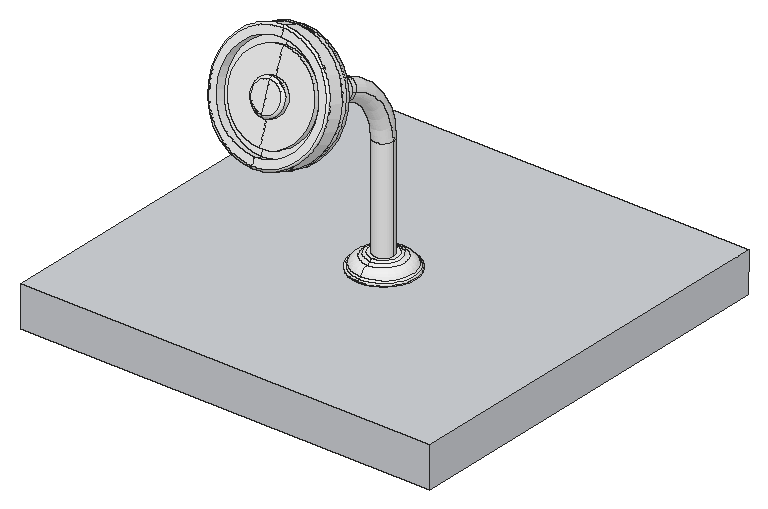
Revit family "Deca_Chuveiro com Tubo de Parede Standard_AcquaPlus_1990.C.STD", category Plumbing Fixtures, host Face, Revit 2012
Parameters (values of type "1990.C.STD")
  Vendido Separadamente = "Não Aplicável"  # constant formula
  URL = "www.deca.com.br"
  Segmento = "Luxo"  # constant formula
  Raio Ponto de Agua = 7.5 mm  # constant formula
  Produto = "Chuveiro AquaPlus com tubo Standard"  # constant formula
  Pressão = "2 a 40 mca"  # constant formula
  Peso Liquido (Kg) = 0.9
  Norma = "NBR 15206"  # constant formula
  Model = Código  # "1990.C.STD"
  Material = "Metal"  # constant formula
  Manufacturer = Fabricante  # "Deca"
  Louça/Metais = "Metais"  # constant formula
  Linha = "AquaPlus"  # constant formula
  Informações Complementares = "Tubo parede / Pode ser usado com restritores de vazão de 8 (4266.061) 14 (4266.062) ou 16(4266) litros por minuto"  # constant formula
  HWFU = 0
  Flow Pressure = 0.00 psi
  Fabricante = "Deca"  # constant formula
  Diâmetro Ponto de Agua = Raio Ponto de Agua * 2  # 15 mm
  Descrição = "Chuveiro"  # constant formula
  Description = Descrição  # "Chuveiro"
  Default Elevation = 2100 mm
  Código = "1990.C.STD"  # constant formula
  Criador por = "Contino/quattroD"  # constant formula
  Consumo = "Varia com a pressão (consultar catálogo)"  # constant formula
  Chuveiro = Deca CR10 Cromado Metal
  Atendimento ao Cliente = "0800-011-7073 "  # constant formula
  Assembly Code = ""
  Aprovado por = "Contino/quattroD"  # constant formula
  Acompanha o Produto = "Não Aplicável"  # constant formula
Reference planes
  plane 1 "Center (Front/Back)": y = 0
  plane 2: z = 0
  plane 3 "Center (Left/Right)": x = 0
  plane 4 "Front 1": z = 231
  plane 5 "Front 2": z = 285
  plane 6 "Right 2": x = 62
  plane 7 "Left 2": x = -62
  plane 8 "Bottom 2": y = -155
  plane 9: z = 0
  plane 10 "Left 1": x = -33
  plane 11 "Right 1": x = 33
  plane 12 "Top 1": y = 33
  plane 13 "Bottom 1": y = -33
  plane 14 "Bottom 3": y = -169
Forms (mm)
  Extrusion 1, solid
    sketch origin (0, 0, 0) x (1, 0, 0) y (0, 1, 0)
      loop
        line (-215, 210) -> (-215, -208.088) -> (214.785, -208.088) -> (214.785, 210) -> (-215, 210)
    from 0 to -42.233
  Revolve 2, solid, material "Deca CR10 Cromado Metal" <- "Chuveiro"
    sketch origin (0.38, -2179.946, 586.246) x (0, 0.34202, 0.939693) y (0, 0.939693, -0.34202)
      loop
        line (356.2, 2127.144) -> (356.2, 2025.452) -> (371.623, 2025.452)
        arc (371.623, 2025.452) -> (373.223, 2026.235) -> (374.096, 2027.788) r 2.999
        line (374.096, 2027.788) -> (374.096, 2032.788) -> (400.724, 2032.788) -> (400.724, 2037.788) -> (408.103, 2037.788) -> (408.103, 2027.788) -> (416.104, 2027.788)
        arc (416.104, 2027.788) -> (417.518, 2028.373) -> (418.103, 2029.787) r 1.999
        line (418.103, 2029.787) -> (418.103, 2045.78) -> (416.13, 2045.78) -> (416.13, 2046.979) -> (418.103, 2046.979) -> (418.103, 2052.209)
        arc (418.103, 2052.209) -> (416.296, 2057.942) -> (411.526, 2061.602) r 9.996
        line (411.526, 2061.602) -> (370.624, 2076.489) -> (370.624, 2078.353) -> (373.073, 2078.353)
        arc (373.073, 2078.353) -> (373.78, 2078.646) -> (374.072, 2079.353) r 1
        line (374.072, 2079.353) -> (374.072, 2080.352) -> (375.072, 2081.352) -> (375.072, 2092.447) -> (374.072, 2093.447) -> (374.072, 2097.445)
        arc (374.072, 2097.445) -> (373.487, 2098.859) -> (372.073, 2099.444) r 1.999
        line (372.073, 2099.444) -> (368.69, 2099.444) -> (366.104, 2102.03)
        arc (366.104, 2102.03) -> (365.518, 2103.444) -> (366.104, 2104.858) r 2
        line (366.104, 2104.858) -> (369.38, 2108.134) -> (369.38, 2127.144) -> (356.2, 2127.144)
      axis (356.2, 2127.144) -> (356.2, 2025.452)
    angle from 0 to 360
  Sweep 3, solid, material "Deca CR10 Cromado Metal" <- "Chuveiro"
    path origin (0, 0, 0) x (0, 1, 0) y (0, 0, 1)
      loop
        line (-59.257, 193.438) -> (-49.39, 189.847)
        arc (-49.39, 189.847) -> (-14.469, 163.645) -> (0, 122.454) r 75.17
        line (0, 122.454) -> (0, 14.5)
    profile origin (0, 0, 68.477) x (1, 0, 0) y (0, 1, 0)
      loop
        circle (0, 0) r 10.35
  Revolve 4, solid, material "Deca CR10 Cromado Metal" <- "Chuveiro"
    sketch origin (0, 0, 0) x (0, 1, 0) y (0, 0, 1)
      loop
        arc (32.97, 0.934) -> (32.53, 1.995) -> (31.47, 2.434) r 1.5
        line (31.47, 2.434) -> (29.908, 4.422)
        arc (29.908, 4.422) -> (26.351, 8.769) -> (21.324, 11.275) r 13.387
        arc (21.324, 11.275) -> (19.386, 12.055) -> (17.719, 13.314) r 7.937
        arc (17.719, 13.314) -> (16.39, 14.192) -> (14.827, 14.5) r 4.117
        line (14.827, 14.5) -> (0, 14.5) -> (0, 0) -> (32.97, 0) -> (32.97, 0.934)
      axis (0, 0) -> (0, 14.5)
    angle from 0 to 360
Lines and regions (mm)
  Masking region 1
    outline origin (300, 0, 0) x (1, 0, 0) y (0, 1, 0)
      loop
        line (-310.33, -31.309) -> (-310.33, -56.361)
        arc (-310.33, -56.361) -> (-312.104, -57.507) -> (-313.25, -59.281) r 5.018
        line (-313.25, -59.281) -> (-313.25, -74.032) -> (-312.56, -75.008) -> (-312.56, -77.883) -> (-312.233, -78.889) -> (-309.972, -80.868)
        arc (-309.972, -80.868) -> (-313.671, -82.03) -> (-316.789, -84.335) r 11.721
        arc (-316.789, -84.335) -> (-317.643, -85.65) -> (-317.942, -87.189) r 4.108
        line (-317.942, -87.189) -> (-317.942, -89.809)
        arc (-317.942, -89.809) -> (-318.679, -90.733) -> (-318.942, -91.886) r 2.657
        line (-318.942, -91.886) -> (-318.942, -103.069)
        arc (-318.942, -103.069) -> (-336.753, -106.314) -> (-353.068, -114.163) r 67.71
        arc (-353.068, -114.163) -> (-359.278, -120.695) -> (-361.973, -129.295) r 19.92
        line (-361.973, -129.295) -> (-361.973, -150.767)
        arc (-361.973, -150.767) -> (-358.89, -157.851) -> (-352.93, -162.768) r 16.573
        arc (-352.93, -162.768) -> (-335.282, -169.373) -> (-316.696, -172.477) r 97.935
        arc (-316.696, -172.477) -> (-300, -173.278) -> (-283.304, -172.477) r 174.392
        arc (-283.304, -172.477) -> (-264.718, -169.373) -> (-247.07, -162.768) r 97.935
        arc (-247.07, -162.768) -> (-241.11, -157.851) -> (-238.027, -150.767) r 16.573
        line (-238.027, -150.767) -> (-238.027, -129.295)
        arc (-238.027, -129.295) -> (-240.722, -120.695) -> (-246.932, -114.163) r 19.92
        arc (-246.932, -114.163) -> (-263.247, -106.314) -> (-281.058, -103.069) r 67.71
        line (-281.058, -103.069) -> (-281.058, -91.886)
        arc (-281.058, -91.886) -> (-281.321, -90.733) -> (-282.058, -89.809) r 2.657
        line (-282.058, -89.809) -> (-282.058, -87.189)
        arc (-282.058, -87.189) -> (-282.357, -85.65) -> (-283.211, -84.335) r 4.108
        arc (-283.211, -84.335) -> (-286.329, -82.03) -> (-290.028, -80.868) r 11.721
        line (-290.028, -80.868) -> (-287.767, -78.889) -> (-287.44, -77.883) -> (-287.44, -75.008) -> (-286.75, -74.032) -> (-286.75, -59.281)
        arc (-286.75, -59.281) -> (-287.896, -57.507) -> (-289.67, -56.361) r 5.018
        line (-289.67, -56.361) -> (-289.67, -31.309)
        arc (-289.67, -31.309) -> (-267.448, 5.231) -> (-300, 32.97) r 32.97
        arc (-300, 32.97) -> (-332.552, 5.231) -> (-310.33, -31.309) r 32.97
  Masking region 2
    outline origin (-280.573, 0, 0) x (1, 0, 0) y (0, 0, 1)
      loop
        arc (331.901, 258.092) -> (280.573, 285) -> (229.245, 258.092) r 62.409
        arc (229.245, 258.092) -> (222.345, 245.162) -> (218.573, 231) r 63.9
        arc (218.573, 231) -> (219.295, 208.457) -> (227.804, 187.569) r 63.9
        arc (227.804, 187.569) -> (246.003, 169.473) -> (270.243, 161.042) r 57.784
        line (270.243, 161.042) -> (270.243, 14.5) -> (266.031, 14.5)
        arc (266.031, 14.5) -> (264.328, 14.2) -> (262.83, 13.335) r 4.981
        arc (262.83, 13.335) -> (261.259, 12.215) -> (259.532, 11.353) r 12.297
        arc (259.532, 11.353) -> (254.351, 8.9) -> (250.717, 4.467) r 13.082
        line (250.717, 4.467) -> (249.135, 2.441)
        arc (249.135, 2.441) -> (248.03, 1.984) -> (247.573, 0.879) r 1.562
        line (247.573, 0.879) -> (247.573, 0) -> (313.573, 0) -> (313.573, 0.879)
        arc (313.573, 0.879) -> (313.115, 1.984) -> (312.011, 2.441) r 1.562
        line (312.011, 2.441) -> (310.428, 4.467)
        arc (310.428, 4.467) -> (306.794, 8.9) -> (301.614, 11.353) r 13.082
        arc (301.614, 11.353) -> (299.887, 12.215) -> (298.316, 13.335) r 12.297
        arc (298.316, 13.335) -> (296.818, 14.2) -> (295.114, 14.5) r 4.981
        line (295.114, 14.5) -> (290.903, 14.5) -> (290.903, 161.042)
        arc (290.903, 161.042) -> (315.143, 169.473) -> (333.341, 187.569) r 57.784
        arc (333.341, 187.569) -> (341.851, 208.457) -> (342.573, 231) r 63.9
        arc (342.573, 231) -> (338.801, 245.162) -> (331.901, 258.092) r 63.9
  Masking region 3
    outline origin (0, 0, 0) x (0, 1, 0) y (0, 0, 1)
      loop
        line (-33, 0) -> (33, 0) -> (33, 0.794)
        arc (33, 0.794) -> (32.558, 1.916) -> (31.47, 2.434) r 1.644
        line (31.47, 2.434) -> (29.908, 4.422)
        arc (29.908, 4.422) -> (26.756, 8.417) -> (22.361, 10.982) r 13.669
        arc (22.361, 10.982) -> (19.88, 11.759) -> (17.739, 13.236) r 8.685
        arc (17.739, 13.236) -> (16.441, 14.099) -> (14.932, 14.486) r 4.667
        line (14.932, 14.486) -> (10.349, 14.486) -> (10.349, 122.694)
        arc (10.349, 122.694) -> (-9.203, 173.997) -> (-55.717, 203.164) r 86.408
        line (-55.717, 203.164) -> (-54.749, 205.823) -> (-72.613, 212.325) -> (-76.52, 210.504)
        arc (-76.52, 210.504) -> (-78.159, 210.257) -> (-79.456, 211.29) r 2.076
        line (-79.456, 211.29) -> (-81.017, 214.637) -> (-79.848, 217.849)
        arc (-79.848, 217.849) -> (-79.892, 219.302) -> (-80.916, 220.335) r 1.984
        line (-80.916, 220.335) -> (-84.808, 221.751) -> (-85.411, 223.044) -> (-95.827, 226.835) -> (-97.118, 226.233) -> (-98.062, 226.577)
        arc (-98.062, 226.577) -> (-98.823, 226.544) -> (-99.337, 225.982) r 0.995
        line (-99.337, 225.982) -> (-100.174, 223.683) -> (-101.931, 224.323) -> (-101.931, 268.529)
        arc (-101.931, 268.529) -> (-103.931, 273.857) -> (-108.507, 277.24) r 10.034
        line (-108.507, 277.24) -> (-113.415, 279.026) -> (-114.09, 277.172) -> (-115.217, 277.582) -> (-114.54, 279.443) -> (-129.525, 284.897)
        arc (-129.525, 284.897) -> (-131.128, 284.743) -> (-132.194, 283.538) r 2.196
        line (-132.194, 283.538) -> (-146.498, 244.239)
        arc (-146.498, 244.239) -> (-148.323, 244.081) -> (-149.542, 242.712) r 2.48
        line (-149.542, 242.712) -> (-160.092, 213.726)
        arc (-160.092, 213.726) -> (-159.899, 211.974) -> (-158.728, 210.657) r 2.899
        line (-158.728, 210.657) -> (-173.027, 171.37)
        arc (-173.027, 171.37) -> (-172.952, 169.646) -> (-171.679, 168.481) r 2.255
        line (-171.679, 168.481) -> (-156.887, 163.096) -> (-156.212, 164.951) -> (-155.085, 164.541) -> (-155.772, 162.652) -> (-150.899, 160.878)
        arc (-150.899, 160.878) -> (-144.72, 160.77) -> (-139.538, 164.136) r 10.568
        line (-139.538, 164.136) -> (-111.794, 197.2) -> (-110.044, 196.564) -> (-110.879, 194.271)
        arc (-110.879, 194.271) -> (-110.846, 193.51) -> (-110.284, 192.996) r 0.995
        line (-110.284, 192.996) -> (-109.34, 192.652) -> (-108.739, 191.362) -> (-98.322, 187.571) -> (-97.029, 188.173) -> (-93.137, 186.757)
        arc (-93.137, 186.757) -> (-91.689, 186.89) -> (-90.721, 187.974) r 1.984
        line (-90.721, 187.974) -> (-89.552, 191.186) -> (-86.206, 192.747)
        arc (-86.206, 192.747) -> (-84.548, 192.704) -> (-83.45, 191.462) r 2.076
        line (-83.45, 191.462) -> (-81.629, 187.555) -> (-63.765, 181.053) -> (-62.797, 183.713)
        arc (-62.797, 183.713) -> (-26.95, 161.168) -> (-10.351, 122.21) r 70.894
        line (-10.351, 122.21) -> (-10.351, 14.486) -> (-14.932, 14.486)
        arc (-14.932, 14.486) -> (-16.441, 14.099) -> (-17.739, 13.236) r 4.667
        arc (-17.739, 13.236) -> (-19.88, 11.759) -> (-22.361, 10.982) r 8.685
        arc (-22.361, 10.982) -> (-26.756, 8.417) -> (-29.908, 4.422) r 13.669
        line (-29.908, 4.422) -> (-31.47, 2.434)
        arc (-31.47, 2.434) -> (-32.558, 1.916) -> (-33, 0.794) r 1.644
        line (-33, 0.794) -> (-33, 0)
  symbolic lines
    curve 1: arc (10.33, -18.654, 0) -> (0, 21.324, 0) -> (-10.33, -18.654, 0) r 21.324
    curve 2: arc (10.33, -14.396, 0) -> (0, 17.719, 0) -> (-10.33, -14.396, 0) r 17.719
    curve 3: arc (10.33, -10.637, 0) -> (0, 14.827, 0) -> (-10.33, -10.637, 0) r 14.827
    curve 4: arc (-10.33, -56.361, 0) -> (0, -54.765, 0) -> (10.33, -56.361, 0) r 34.218
    curve 5: arc (-17.942, -89.809, 0) -> (0, -85.418, 0) -> (17.942, -89.809, 0) r 38.852
    curve 6: arc (-10.877, -75.645, 0) -> (0, -73.509, 0) -> (10.877, -75.645, 0) r 28.764
    curve 7: arc (10.877, -75.645, 0) -> (12.027, -76.532, 0) -> (12.56, -77.883, 0) r 2.731
    curve 8: arc (-11.489, -71.307, 0) -> (0.01, -69.015, 0) -> (11.509, -71.307, 0) r 29.996
    curve 9: arc (11.509, -71.307, 0) -> (12.808, -72.396, 0) -> (13.25, -74.032, 0) r 2.827
    curve 10: arc (-17.169, -99.575, 0) -> (-0.026, -96.086, 0) -> (17.117, -99.575, 0) r 43.86
    curve 11: arc (17.117, -99.575, 0) -> (18.655, -100.996, 0) -> (18.942, -103.069, 0) r 3.105
    curve 12: arc (-18.922, -103.067, 0) -> (0.01, -101.936, 0) -> (18.942, -103.069, 0) r 158.886
    curve 13: arc (-10.857, -75.645, 0) -> (-12.007, -76.532, 0) -> (-12.54, -77.883, 0) r 2.731
    curve 14: arc (-11.489, -71.307, 0) -> (-12.788, -72.396, 0) -> (-13.23, -74.032, 0) r 2.827
    curve 15: arc (-17.097, -99.575, 0) -> (-18.634, -100.995, 0) -> (-18.922, -103.067, 0) r 3.105
    curve 16: arc (-9.972, -80.868, 0) -> (0, -79.414, 0) -> (9.972, -80.868, 0) r 34.909
    curve 17: arc (-54.155, -119.544, 0) -> (0.425, -108.428, 0) -> (54.937, -119.87, 0) r 137.54
    curve 18: arc (54.937, -119.87, 0) -> (59.705, -123.649, 0) -> (61.973, -129.295, 0) r 11.863
    curve 19: arc (-13.077, -152.029, 0) -> (0.03, -149.436, 0) -> (13.139, -152.024, 0) r 34.462
    curve 20: arc (13.139, -152.024, 0) -> (15.025, -154.838, 0) -> (13.139, -157.652, 0) r 3.043
    curve 21: arc (13.139, -157.652, 0) -> (0.031, -160.241, 0) -> (-13.076, -157.652, 0) r 34.478
    curve 22: arc (-13.076, -157.652, 0) -> (-14.96, -154.841, 0) -> (-13.077, -152.029, 0) r 3.04
    curve 23: arc (-14.773, -149.293, 0) -> (0.357, -146.535, 0) -> (15.446, -149.502, 0) r 41.313
    curve 24: arc (15.446, -149.502, 0) -> (17.806, -152.991, 0) -> (15.446, -156.48, 0) r 3.759
    curve 25: arc (-54.155, -119.544, 0) -> (-59.483, -123.295, 0) -> (-62.026, -129.295, 0) r 11.863
    curve 26: arc (-14.773, -149.293, 0) -> (-17.84, -152.613, 0) -> (-15.499, -156.48, 0) r 3.759
    curve 27: line (-15.499, -156.48, 0) -> (-13.076, -157.652, 0)
    curve 28: line (15.446, -156.48, 0) -> (13.139, -157.652, 0)
    curve 29: arc (52.661, -125.096, 0) -> (0.408, -114.128, 0) -> (-51.91, -124.783, 0) r 131.84
    curve 30: arc (-51.91, -124.783, 0) -> (-58.118, -129.18, 0) -> (-61.973, -135.738, 0) r 18.119
    curve 31: arc (51.91, -124.783, 0) -> (58.118, -129.18, 0) -> (61.973, -135.738, 0) r 18.119
    curve 32: arc (-44.111, -140.208, 0) -> (-48.941, -142.721, 0) -> (-53.248, -146.052, 0) r 30.515
    curve 33: arc (44.131, -140.208, 0) -> (48.956, -142.717, 0) -> (53.258, -146.044, 0) r 30.515
    curve 34: arc (10.311, 0, 193.371) -> (0, 0, 203.078) -> (-10.311, 0, 193.371) r 10.33
    curve 35: line (10.311, 0, 193.371) -> (10.311, 0, 189.78)
    curve 36: arc (13.25, 0, 192.591) -> (0, 0, 205.841) -> (-13.25, 0, 192.591) r 13.25
    curve 37: arc (13.25, 0, 192.591) -> (12.491, 0, 188.792) -> (10.33, 0, 185.575) r 9.889
    curve 38: arc (13.25, 0, 197.765) -> (0, 0, 211.015) -> (-13.25, 0, 197.765) r 13.25
    curve 39: arc (18.276, 0, 212.608) -> (-0.038, 0, 226.824) -> (-18.351, 0, 212.608) r 18.904
    curve 40: line (-10.311, 0, 193.371) -> (-10.311, 0, 189.78)
    curve 41: arc (-13.25, 0, 192.591) -> (-12.491, 0, 188.792) -> (-10.33, 0, 185.575) r 9.889
    curve 42: line (13.25, 0, 197.765) -> (13.25, 0, 192.591)
    curve 43: line (-13.25, 0, 197.765) -> (-13.25, 0, 192.591)
    curve 44: arc (18.276, 0, 212.608) -> (18.547, 0, 201.691) -> (13.24, 0, 192.148) r 20.76
    curve 45: arc (17.591, 0, 211.841) -> (0.025, 0, 223.071) -> (-17.54, 0, 211.841) r 19.353
    curve 46: arc (-17.54, 0, 211.841) -> (-18.656, 0, 208.406) -> (-18.929, 0, 204.805) r 15.192
    curve 47: arc (-18.351, 0, 212.608) -> (-18.608, 0, 201.636) -> (-13.236, 0, 192.067) r 20.76
    curve 48: arc (-18.929, 0, 204.805) -> (-18.239, 0, 200.521) -> (-16.578, 0, 196.512) r 18.679
    curve 49: arc (18.854, 0, 204.805) -> (18.163, 0, 200.521) -> (16.503, 0, 196.512) r 18.679
    curve 50: arc (17.591, 0, 211.841) -> (18.674, 0, 208.404) -> (18.854, 0, 204.805) r 14.138
    curve 51: arc (48.423, 0, 241.073) -> (-0.004, 0, 267.819) -> (-48.431, 0, 241.073) r 57.215
    curve 52: arc (-48.431, 0, 241.073) -> (-55.828, 0, 215.427) -> (-48.431, 0, 189.78) r 48.159
    curve 53: arc (-48.431, 0, 189.78) -> (-31.714, 0, 172.821) -> (-9.422, 0, 164.447) r 55.399
    curve 54: arc (42.659, 0, 261.246) -> (3.392, 0, 277.103) -> (-37.318, 0, 265.437) r 65.068
    curve 55: arc (-37.318, 0, 265.437) -> (-54.383, 0, 246.82) -> (-61.973, 0, 222.733) r 58.299
    curve 56: arc (48.423, 0, 241.073) -> (55.82, 0, 215.427) -> (48.423, 0, 189.78) r 48.159
    curve 57: arc (48.423, 0, 189.78) -> (31.706, 0, 172.821) -> (9.414, 0, 164.447) r 55.399
    curve 58: arc (37.31, 0, 265.437) -> (54.375, 0, 246.82) -> (61.966, 0, 222.733) r 58.299
    curve 59: line (10.33, 0, 161.042) -> (10.33, 0, 189.156)
    curve 60: line (-10.33, 0, 161.042) -> (-10.33, 0, 189.156)
    curve 61: arc (10.33, 0, 189.156) -> (0, 0, 199.486) -> (-10.33, 0, 189.156) r 10.33
    curve 62: arc (-46.133, -140.654, 0) -> (0.018, -132.998, 0) -> (46.17, -140.654, 0) r 142.932
    curve 63: arc (46.17, -140.654, 0) -> (50.493, -142.707, 0) -> (54.237, -145.69, 0) r 20.917
    curve 64: arc (54.237, -145.69, 0) -> (57.915, -152.589, 0) -> (54.237, -159.488, 0) r 8.308
    curve 65: arc (-46.061, -140.654, 0) -> (-50.384, -142.707, 0) -> (-54.128, -145.69, 0) r 20.917
    curve 66: arc (-54.128, -145.69, 0) -> (-57.806, -152.589, 0) -> (-54.128, -159.488, 0) r 8.308
    curve 67: arc (53.053, -160.671, 0) -> (42.751, -166.112, 0) -> (31.491, -169.106, 0) r 51.653
    curve 68: arc (-51.81, -161.028, 0) -> (-43.312, -165.594, 0) -> (-34.114, -168.5, 0) r 51.653
    curve 69: arc (-34.114, -168.5, 0) -> (-1.342, -172.148, 0) -> (31.491, -169.106, 0) r 162.507
    curve 70: line (-54.128, -159.488, 0) -> (-51.81, -161.028, 0)
    curve 71: line (54.237, -159.488, 0) -> (53.053, -160.671, 0)
    curve 72: arc (-53.248, -146.052, 0) -> (-42.386, -152.906, 0) -> (-30.247, -157.105, 0) r 55.981
    curve 73: arc (53.258, -146.044, 0) -> (42.315, -152.94, 0) -> (30.081, -157.141, 0) r 55.981
    curve 74: arc (-50.903, -156.119, 0) -> (-40.808, -161.997, 0) -> (-29.645, -165.438, 0) r 51.276
    curve 75: arc (-53.248, -146.052, 0) -> (-53.914, -151.514, 0) -> (-50.903, -156.119, 0) r 8.018
    curve 76: arc (50.903, -156.119, 0) -> (40.808, -161.997, 0) -> (29.645, -165.438, 0) r 51.276
    curve 77: arc (53.248, -146.052, 0) -> (53.914, -151.514, 0) -> (50.903, -156.119, 0) r 8.018
    curve 78: arc (-29.645, -165.438, 0) -> (0, -168.186, 0) -> (29.645, -165.438, 0) r 161.272
    curve 79: arc (-13.899, -144.093, 0) -> (0.023, -141.826, 0) -> (13.942, -144.107, 0) r 43.751
    curve 80: arc (17.806, -147.602, 0) -> (16.238, -145.452, 0) -> (13.942, -144.107, 0) r 6.521
    curve 81: line (17.806, -152.991, 0) -> (17.806, -147.602, 0)
    curve 82: arc (-17.806, -147.602, 0) -> (-16.222, -145.436, 0) -> (-13.899, -144.093, 0) r 6.521
    curve 83: line (-17.806, -152.991, 0) -> (-17.806, -147.602, 0)
    curve 84: arc (-38.825, -144.693, 0) -> (-39.925, -147.921, 0) -> (-38.825, -151.15, 0) r 5.29
    curve 85: arc (-38.825, -144.693, 0) -> (-32.456, -140.101, 0) -> (-25.109, -137.331, 0) r 29.823
    curve 86: arc (-25.109, -137.331, 0) -> (-0.109, -134.461, 0) -> (24.891, -137.331, 0) r 110.343
    curve 87: arc (-38.825, -151.15, 0) -> (-32.904, -155.537, 0) -> (-26.077, -158.309, 0) r 29.329
    curve 88: arc (-30.247, -157.105, 0) -> (-0.086, -161.713, 0) -> (30.081, -157.141, 0) r 101.418
    curve 89: arc (38.825, -144.693, 0) -> (39.925, -147.921, 0) -> (38.825, -151.15, 0) r 5.29
    curve 90: arc (38.825, -144.693, 0) -> (32.456, -140.101, 0) -> (25.109, -137.331, 0) r 29.823
    curve 91: arc (38.825, -151.15, 0) -> (33.354, -155.279, 0) -> (27.074, -158.025, 0) r 29.329
    curve 92: line (-10.33, -31.309, 0) -> (-10.33, 0.643, 0)
    curve 93: line (10.33, -31.309, 0) -> (10.33, 0.643, 0)
    curve 94: arc (10.33, 0.643, 0) -> (0, 10.35, 0) -> (-10.33, 0.643, 0) r 10.35
    curve 95: line (10.33, 0, 14.5) -> (-10.33, 0, 14.5)
    curve 96: line (29.855, 0, 4.467) -> (-29.855, 0, 4.467)
    curve 97: line (31.438, 0, 2.441) -> (-31.438, 0, 2.441)
    curve 98: line (0, -146.498, 244.239) -> (0, -158.728, 210.657)
    curve 99: line (0, -101.924, 224.317) -> (0, -111.794, 197.2)
    curve 100: line (0, -100.172, 223.68) -> (0, -110.044, 196.564)
    curve 101: line (0, -109.34, 192.648) -> (0, -97.134, 226.181)
    curve 102: line (0, -95.833, 226.834) -> (0, -108.739, 191.362)
    curve 103: line (0, -98.322, 187.571) -> (0, -85.411, 223.044)
    curve 104: line (0, -84.81, 221.758) -> (0, -97.035, 188.169)
    curve 105: line (0, -81.017, 214.637) -> (0, -89.572, 191.146)
    curve 106: line (0, -81.629, 187.555) -> (0, -72.613, 212.325)
    curve 107: line (0, -55.717, 203.164) -> (0, -62.794, 183.712)
    curve 108: line (0, -10.351, 14.486) -> (0, 10.35, 14.5)
    curve 109: line (0, -29.908, 4.422) -> (0, 29.908, 4.422)
    curve 110: line (0, 31.47, 2.434) -> (0, -31.47, 2.434)
    curve 111: line (0, -114.09, 277.172) -> (0, -155.085, 164.541)
    curve 112: line (0, -156.212, 164.951) -> (0, -115.184, 277.719)
Dimensions and locks
  plane 6 "Right 2" to plane 7 "Left 2" = 124 mm
  plane 7 "Left 2" to plane 6 "Right 2" = 124 mm
  plane 10 "Left 1" to plane 11 "Right 1" = 66 mm
  plane 4 "Front 1" to level = 231 mm
  plane 5 "Front 2" to level = 285 mm
  plane 11 "Right 1" to plane 10 "Left 1" = 66 mm
  plane 14 "Bottom 3" to plane 12 "Top 1" = 202 mm  (x2)
  plane 8 "Bottom 2" to plane 1 "Center (Front/Back)" = 155 mm  (x2)
  level to plane 5 "Front 2" = 285 mm
  level to plane 4 "Front 1" = 231 mm
  aligned and locked: Extrusion 1 to plane 2
  aligned and locked: level to Extrusion 1
Connectors
  piping at (0, 0, 0), driven by "Raio Ponto de Agua", driven by "Flow Pressure", driven by "HWFU"
    settings: on Revolve 4, index 1, connector radius 0.29528", flow factor 0, pipe flow 0 GPM, pressure drop 0.00 psi, fitting loss kfactor 0, connector angle 0.00°, fixture units 0, engagement length 0 mm, flow configuration 3, flow direction 1, fitting loss method 4, system type 29, joint type 0, gender type 0, connector reference index -1, connector utility 0, adjustable connector no, is connector primary yes, fitting loss table "", connector description ""
